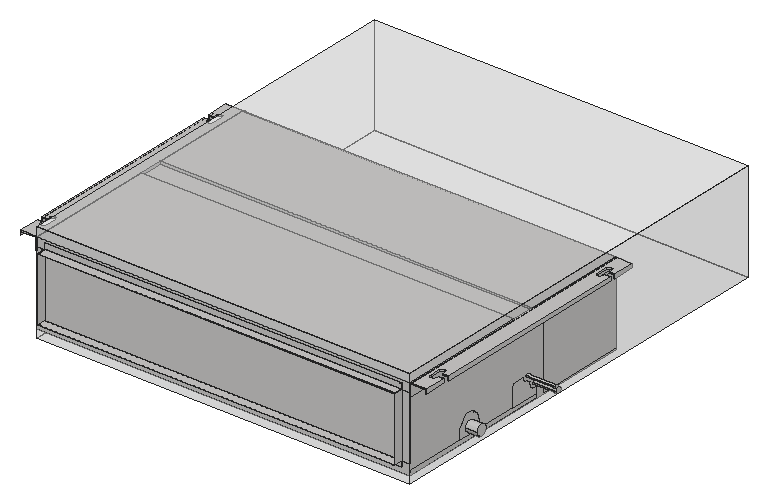
Revit family "outputfile", category 機械設備, Revit 2024
Family settings
  丸型コネクタ寸法 = 半径を使用
  パーツ タイプ = 標準
  OmniClass 番号 = 23.75.10.24.21.27.27
  OmniClass タイトル = Split System Air Conditioning Units
  作業面ベース = いいえ
  常に垂直 = はい
  ロード時にボイドで切り取り = いいえ
  注釈の向きを維持 = いいえ
  共有 = いいえ
  部屋計算ポイント = はい
Parameters (values of type "FDLF50DV14")
  Description = ""
  書き出し IFC クラス(タイプ) = "IfcUnitaryEquipmentType"
  定義済み IFC タイプ(タイプ) = "AIRCONDITIONINGUNIT"
  Cost = 0
  Type Comments = ""
  Keynote = ""
  Type Image = (empty or 0)
  Assembly Code = ""
  switch_frequency = yes
  ld_powersupply = Depth / 2  # 310 mm
  connector_voltage = Voltage_50Hz  # 230 V
  connector_powerinput = [Power Input (Cooling)]  # 0.000 kW
  connector_phase = Phase_50Hz  # 1
  angle_liquidpipe [instance] = if(Right Connection_refrigerant, 90.00°, 270.00°)  # 90.00°
  angle_gaspipe [instance] = if(Right Connection_refrigerant, 90.00°, 270.00°)  # 90.00°
  angle_drainpipe [instance] = if(Right Connection_refrigerant, 90.00°, 270.00°)  # 90.00°
  URL = ""
  Right Connection_refrigerant [instance] = yes
  製造元 = "Daikin"
  モデル = "FDLF50DV14"
  r_Liquid Pipe Size = Liquid Pipe Size / 2  # 3.2 mm
  r_Gas Pipe Size = Gas Pipe Size / 2  # 6.35 mm
  r_Drain Pipe Size = Drain Pipe Size / 2  # 12.5 mm
  lw_powersupply = 50 mm  # constant formula
  lw_ductflange2 = 803 mm
  lw_Width = 860 mm
  lh_suctionflange [instance] = 100 mm  # constant formula
  ld_suctionflange [instance] = if(Rear Connection_Return Air, 190.25 mm, 100.25 mm)  # 190.25 mm
  angle_vertical_RA [instance] = if(Rear Connection_Return Air, 90.00°, 0.00°)  # 90.00°
  angle horizontal_RA [instance] = if(Rear Connection_Return Air, 180.00°, 270.00°)  # 180.00°
  Voltage_comment_50Hz = "220 - 240"
  Voltage_50Hz = 230 V
  Supply Air Direction [instance] = yes
  Sound Power Level_H speed (dB) = 0
  Rear Connection_Return Air [instance] = not(Bottom Connection_Return Air)  # yes
  RA_length [instance] = if(Rear Connection_Return Air, 190.25 mm, 100 mm)  # 190.25 mm
  Phase_50Hz = 1
  Minimum External Static Pressure = 15.00 Pa
  Minimum Circuit Amps_50Hz = 0.0 A
  Maximum Fuse Amps_50Hz = 0.0 A
  Maximum External Static Pressure = 38.00 Pa
  Material_Casing = DAIKIN_GalvanizedSteel_Casing_indoorunit
  lw_liquidpipe = 521 mm
  lw_gaspipe = 508 mm
  lw_mountinghole = 940 mm
  lw_drainpipe = 480 mm
  lh_powersupply = 150 mm  # constant formula
  lh_liquidpipe = 138 mm  # constant formula
  lh_gaspipe = 160 mm  # constant formula
  lh_mountinghole = Height  # 200 mm
  lh_drainpipe = 170 mm  # constant formula
  lh_antena = 1 mm  # constant formula
  ld_liquidpipe = 353 mm  # constant formula
  ld_gaspipe = 375 mm  # constant formula
  ld_mountinghole = 500 mm  # constant formula
  ld_drainpipe = 178 mm  # constant formula
  ld_controlbox = 626 mm  # constant formula
  h*** = 0 mm  # constant formula
  d_dischargeflange = 21.2 mm  # constant formula
  Width = 900 mm
  Version = "ver.1.0"
  Unit Type = "L.S.P. Duct for Living room"
  Unit Mass Weight = 28.00 kg
  Unit Designation [instance] = ""
  Uniclass2015Version = "Products v1.30"
  Uniclass2015Title = "Split coil room air conditioning units"
  Uniclass2015Code = "Pr_70_65_03_86"
  Total Cooling Capacity [instance] = 0.000 kW
  Sound Pressure Level_M speed (dBA) = 33
  Sound Pressure Level_L speed (dBA) = 30
  Sound Pressure Level_H speed (dBA) = 37
  Series = "SkyAir_Fan Coil Unit"
  Sensible Cooling Capacity [instance] = 0.000 kW
  SA Duct Size Width = 860 mm
  SA Duct Size Height = 153 mm
  Refrigerant Type = "R32"
  RA Duct Size Width = 761 mm
  RA Duct Size Height = 160 mm
  Power Input (Cooling) = 0.000 kW
  Option Accessory 3 [instance] = ""
  Option Accessory 2 [instance] = ""
  Option Accessory 1 [instance] = ""
  Nominal Cooling Capacity = 5.000 kW
  Minimum Airflow = 720.00 m³/h
  Median Airflow = 840.00 m³/h
  Maximum Airflow = 960.00 m³/h
  Load Classification = HVAC
  Liquid Pipe Size = 6.4 mm
  Link_Nested Family [instance] = ""
  Left Connection_refrigerant [instance] = not(Right Connection_refrigerant)  # no
  IfcVersion = ""
  IfcExportType = "AIRCONDITIONINGUNIT"
  IfcExportAs = "IfcUnitaryEquipmentType"
  Height = 200 mm
  Heat Exchanger Type = "Cross Fin Coil"
  Gas Pipe Size = 12.7 mm
  Frequency_50Hz = 50 Hz
  Fan Type = "Sirocco Fan"
  Fan Drive = "Direct Drive"
  FCU Tag No. [instance] = ""
  Drain Pipe Size = 25.0 mm
  Design Supply Airflow [instance] = 0.00 m³/h
  Design Return Airflow [instance] = 0.00 m³/h
  Design External Static Pressure [instance] = 0.00 Pa
  Depth = 620 mm
  既定の高さ = 0 mm
  Cooling Entering Wet Bulb Temperature [instance] = 0.00 °C
  Cooling Entering Dry Bulb Temperature [instance] = 0.00 °C
  Cooling Ambient Wet Bulb Temperature [instance] = 0.00 °C
  Cooling Ambient Dry Bulb Temperature [instance] = 0.00 °C
  Clearance visibility [instance] = yes
  Clearance Top = 20 mm
  Clearance Right = 0 mm
  Clearance Rear = 400 mm
  Clearance Left = 0 mm
  Clearance Front = 0 mm
  Clearance Bottom = 20 mm
  Bottom Connection_Return Air [instance] = no
Reference planes
  plane 1 "Center (Front/Back)": y = 0
  plane 2: z = 0
  plane 3 "Center (Left/Right)": x = 0
  plane 4 "Back": y = 310
  plane 5 "Front": y = -310
  plane 6 "Left": x = -450
  plane 7 "Right": x = 450
  plane 8 "Top": z = 0
  plane 9 "Bottom": z = -200
  plane 10: x = -470
  plane 11: x = 470
  plane 12: y = 250
  plane 13: z = 0
  plane 14 "Clearance Left": x = -450
  plane 15 "Clearance Right": x = 450
  plane 16 "Clearance Rear": y = 710
  plane 17 "Clearance Front": y = -310
  plane 18 "Clearance Top": z = 20
  plane 19 "Clearance Bottom": z = -220
  plane 20: y = -250
  plane 21: z = -21
  plane 22: z = -97.5
  plane 23: x = -48.5
  plane 24: y = 119.75
  plane 25: z = -100
  plane 26: y = 65
  plane 27: z = -160
  plane 28: y = 43
  plane 29: z = -138
  plane 30: y = -132
  plane 31: z = -170
  plane 32: x = 508
  plane 33: x = 521
  plane 34: x = 480
  plane 35: x = 400
  plane 36: z = -150
  plane 37: x = -480
  plane 38: x = -521
  plane 39: x = -508
Forms (mm)
  Extrusion 1, solid, material "DAIKIN_GalvanizedSteel_Casing_indoorunit" <- "Material_Casing"
    sketch origin (0, 0, 0) x (1, 0, 0) y (0, 1, 0)
      loop
        line (-450, -310) -> (450, -310) -> (450, 310) -> (-450, 310) -> (-450, -310)
    from -200 to 0
  Extrusion 2, void
    sketch origin (0, 0, 1) x (1, 0, 0) y (0, 1, 0)
      loop
        line (-450, 61.5) -> (-450, 3.5) -> (450, 3.5) -> (450, 61.5) -> (-450, 61.5)
    from -1 to -7
  Extrusion 3, solid, material "DAIKIN_GalvanizedSteel_Casing_indoorunit" <- "Material_Casing", visible <- "Bottom Connection_Return Air"
    sketch origin (0, 0, 0) x (1, 0, 0) y (0, 0, 1)
      loop
        line (352, -199.25) -> (352, -0.75) -> (-449, -0.75) -> (-449, -199.25) -> (352, -199.25)
    from -310 to -309
  Extrusion 4, solid, material "DAIKIN_GalvanizedSteel_Casing_indoorunit" <- "Material_Casing", visible <- "Rear Connection_Return Air"
    sketch origin (0, 0, 0) x (1, 0, 0) y (0, 1, 0)
      loop
        line (-449, 309) -> (-449, 110.5) -> (352, 110.5) -> (352, 309) -> (-449, 309)
    from -200 to -199
  Extrusion 5, solid, material "DAIKIN_GalvanizedSteel_Casing_indoorunit" <- "Material_Casing", visible <- "Right Connection_refrigerant"
    sketch origin (450, 0, 0) x (0, 1, 0) y (0, 0, 1)
      loop
        circle (65, -160) r 6.35
    from 0 to 58
  Extrusion 6, solid, material "DAIKIN_GalvanizedSteel_Casing_indoorunit" <- "Material_Casing", visible <- "Right Connection_refrigerant"
    sketch origin (450, 0, 0) x (0, 1, 0) y (0, 0, 1)
      loop
        circle (43, -138) r 3.2
    from 0 to 71
  Extrusion 7, solid, material "DAIKIN_GalvanizedSteel_Casing_indoorunit" <- "Material_Casing", visible <- "Right Connection_refrigerant"
    sketch origin (450, 0, 0) x (0, 1, 0) y (0, 0, 1)
      loop
        line (-310, -200) -> (70, -200) -> (70, -190) -> (-310, -190) -> (-310, -200)
    from 0 to -1
  Extrusion 8, solid, material "DAIKIN_GalvanizedSteel_Casing_indoorunit" <- "Material_Casing", visible <- "Right Connection_refrigerant"
    sketch origin (450, 0, 0) x (0, 1, 0) y (0, 0, 1)
      loop
        arc (96, -27.5) -> (93.879, -28.379) -> (93, -30.5) r 3
        line (93, -30.5) -> (93, -194.5)
        arc (93, -194.5) -> (93.879, -196.621) -> (96, -197.5) r 3
        line (96, -197.5) -> (310, -197.5) -> (310, -27.5) -> (96, -27.5)
    from 0 to -1
  Extrusion 9, solid, material "DAIKIN_GalvanizedSteel_Casing_indoorunit" <- "Material_Casing", visible <- "Right Connection_refrigerant"
    sketch origin (450, 0, 0) x (0, 1, 0) y (0, 0, 1)
      loop
        arc (-104, -170) -> (-132, -142) -> (-160, -170) r 28
        line (-160, -170) -> (-160, -190) -> (-104, -190) -> (-104, -170)
    from 0 to -1
  Extrusion 10, solid, material "DAIKIN_GalvanizedSteel_Casing_indoorunit" <- "Material_Casing", visible <- "Right Connection_refrigerant"
    sketch origin (450, 0, 0) x (0, 1, 0) y (0, 0, 1)
      loop
        line (70, -190) -> (70, -174.671)
        arc (70, -174.671) -> (54.678, -171.563) -> (49.857, -156.691) r 15.5
        line (49.857, -156.691) -> (43.472, -150.991)
        arc (43.472, -150.991) -> (34.343, -147.698) -> (30.039, -139) r 13
        line (30.039, -139) -> (2, -139)
        arc (2, -139) -> (-0.121, -139.879) -> (-1, -142) r 3
        line (-1, -142) -> (-1, -190) -> (70, -190)
    from 0 to -1
  Extrusion 11, solid, material "DAIKIN_GalvanizedSteel_Casing_indoorunit" <- "Material_Casing", visible <- "Left Connection_refrigerant"
    sketch origin (-450, 0, 0) x (0, 1, 0) y (0, 0, 1)
      loop
        line (-310, -200) -> (70, -200) -> (70, -190) -> (-310, -190) -> (-310, -200)
    from 0 to -1
  Extrusion 12, solid, material "DAIKIN_GalvanizedSteel_Casing_indoorunit" <- "Material_Casing", visible <- "Left Connection_refrigerant"
    sketch origin (-450, 0, 0) x (0, 1, 0) y (0, 0, 1)
      loop
        arc (96, -27.5) -> (93.879, -28.379) -> (93, -30.5) r 3
        line (93, -30.5) -> (93, -194.5)
        arc (93, -194.5) -> (93.879, -196.621) -> (96, -197.5) r 3
        line (96, -197.5) -> (310, -197.5) -> (310, -27.5) -> (96, -27.5)
    from 0 to -1
  Extrusion 13, solid, material "DAIKIN_GalvanizedSteel_Casing_indoorunit" <- "Material_Casing", visible <- "Left Connection_refrigerant"
    sketch origin (-450, 0, 0) x (0, 1, 0) y (0, 0, 1)
      loop
        arc (-104, -170) -> (-132, -142) -> (-160, -170) r 28
        line (-160, -170) -> (-160, -190) -> (-104, -190) -> (-104, -170)
    from 0 to -1
  Extrusion 14, solid, material "DAIKIN_GalvanizedSteel_Casing_indoorunit" <- "Material_Casing", visible <- "Left Connection_refrigerant"
    sketch origin (-450, 0, 0) x (0, 1, 0) y (0, 0, 1)
      loop
        line (70, -190) -> (70, -174.671)
        arc (70, -174.671) -> (54.678, -171.563) -> (49.857, -156.691) r 15.5
        line (49.857, -156.691) -> (43.472, -150.991)
        arc (43.472, -150.991) -> (34.343, -147.698) -> (30.039, -139) r 13
        line (30.039, -139) -> (2, -139)
        arc (2, -139) -> (-0.121, -139.879) -> (-1, -142) r 3
        line (-1, -142) -> (-1, -190) -> (70, -190)
    from 0 to -1
  Extrusion 15, solid, material "DAIKIN_GalvanizedSteel_Casing_indoorunit" <- "Material_Casing", visible <- "Left Connection_refrigerant"
    sketch origin (-450, 0, 0) x (0, 1, 0) y (0, 0, 1)
      loop
        circle (43, -138) r 3.2
    from -71 to 0
  Extrusion 16, solid, material "DAIKIN_GalvanizedSteel_Casing_indoorunit" <- "Material_Casing", visible <- "Left Connection_refrigerant"
    sketch origin (-450, 0, 0) x (0, 1, 0) y (0, 0, 1)
      loop
        circle (65, -160) r 6.35
    from -58 to 0
  Extrusion 17, solid, material "DAIKIN_GalvanizedSteel_Casing_indoorunit" <- "Material_Casing", visible <- "Left Connection_refrigerant"
    sketch origin (-450, 0, 0) x (0, 1, 0) y (0, 0, 1)
      loop
        circle (-132, -170) r 12.5
    from -30 to 0
  Extrusion 18, solid, material "DAIKIN_GalvanizedSteel_Casing_indoorunit" <- "Material_Casing", visible <- "Right Connection_refrigerant"
    sketch origin (450, 0, 0) x (0, 1, 0) y (0, 0, 1)
      loop
        circle (-132, -170) r 12.5
    from 0 to 30
Cuts and joins
  Extrusion 2 cuts Extrusion 1
Dimensions and locks
  "Height": plane 8 "Top" to plane 9 "Bottom"
  equal spacing: plane 10, plane 3 "Center (Left/Right)", plane 11
  "lw_mountinghole": plane 10 to plane 11
  equal spacing: plane 6 "Left", plane 3 "Center (Left/Right)", plane 7 "Right"
  "Width": plane 6 "Left" to plane 7 "Right"
  "Clearance Right": plane 7 "Right" to plane 15 "Clearance Right"
  "Clearance Left": plane 14 "Clearance Left" to plane 6 "Left"
  "Clearance Rear": plane 16 "Clearance Rear" to plane 4 "Back"
  "Clearance Front": plane 5 "Front" to plane 17 "Clearance Front"
  "Clearance Top": plane 18 "Clearance Top" to plane 8 "Top"
  "Clearance Bottom": plane 9 "Bottom" to plane 19 "Clearance Bottom"
  "Depth": plane 4 "Back" to plane 5 "Front"
  equal spacing: plane 4 "Back", plane 1 "Center (Front/Back)", plane 5 "Front"
  Extrusion 3 sketch curve to Extrusion 3 sketch curve = 198.5 mm
  locked: plane 20 to plane 5 "Front" at 60
  "ld_mountinghole": plane 12 to plane 20
  locked: plane 8 "Top" to plane 21 at 21
  locked: plane 23 to plane 3 "Center (Left/Right)" at 48.5
  "ld_suctionflange": plane 4 "Back" to plane 24
  "lh_suctionflange": plane 8 "Top" to plane 25
  "ld_gaspipe": plane 26 to plane 5 "Front"
  "lh_gaspipe": plane 8 "Top" to plane 27
  "ld_liquidpipe": plane 28 to plane 5 "Front"
  "lh_liquidpipe": plane 8 "Top" to plane 29
  "ld_drainpipe": plane 30 to plane 5 "Front"
  "lh_drainpipe": plane 8 "Top" to plane 31
  "lw_powersupply": plane 35 to plane 7 "Right"
  "lh_powersupply": plane 8 "Top" to plane 36
  "lw_gaspipe": plane 3 "Center (Left/Right)" to plane 32
  "lw_liquidpipe": plane 3 "Center (Left/Right)" to plane 33
  "lw_drainpipe": plane 3 "Center (Left/Right)" to plane 34
  "lw_liquidpipe": plane 38 to plane 3 "Center (Left/Right)"
  "lw_gaspipe": plane 39 to plane 3 "Center (Left/Right)"
  "lw_drainpipe": plane 37 to plane 3 "Center (Left/Right)"
  "r_Gas Pipe Size": radius of Extrusion 5 sketch curve
  "r_Liquid Pipe Size": radius of Extrusion 6 sketch curve
  "r_Liquid Pipe Size": radius of Extrusion 15 sketch curve
  "r_Gas Pipe Size": radius of Extrusion 16 sketch curve
  "r_Drain Pipe Size": radius of Extrusion 17 sketch curve
  "r_Drain Pipe Size": radius of Extrusion 18 sketch curve
  aligned and locked: level to plane 2
  aligned and locked: Extrusion 1 to plane 9 "Bottom"
  aligned and locked: plane 8 "Top" to Extrusion 1
  aligned and locked: plane 11 to nested 2
  aligned and locked: plane 10 to nested 3
  aligned and locked: plane 10 to nested 4
  aligned and locked: plane 8 "Top" to Extrusion 2
  aligned and locked: plane 9 "Bottom" to Extrusion 4  (x2)
  aligned and locked: plane 7 "Right" to cut or joined group of Extrusion 1, Extrusion 2  (x2)
  aligned and locked: plane 3 "Center (Left/Right)" to nested 9
  aligned and locked: plane 6 "Left" to nested 7
  aligned and locked: plane 8 "Top" to nested 9
  aligned and locked: plane 11 to nested 1
  aligned and locked: nested 6 to plane 1 "Center (Front/Back)"
  aligned and locked: plane 3 "Center (Left/Right)" to nested 6
  aligned and locked: level to plane 8 "Top"
  aligned and locked: plane 1 "Center (Front/Back)" to nested 9
  aligned and locked: plane 5 "Front" to nested 10
  aligned and locked: Extrusion 1 sketch curve to plane 5 "Front"
  aligned and locked: plane 21 to nested 10
  aligned and locked: nested 5 to plane 5 "Front"
  aligned and locked: plane 3 "Center (Left/Right)" to nested 5
  aligned and locked: plane 22 to nested 5
  aligned and locked: Extrusion 2 sketch curve to plane 6 "Left"
  aligned and locked: plane 7 "Right" to Extrusion 2 sketch curve
  aligned and locked: nested 11 to plane 23
  aligned and locked: nested 11 to plane 24
  aligned and locked: plane 27 to Extrusion 5 sketch curve
  aligned and locked: plane 26 to Extrusion 5 sketch curve
  aligned and locked: plane 28 to Extrusion 6 sketch curve
  aligned and locked: plane 29 to Extrusion 6 sketch curve
  aligned and locked: plane 32 to Extrusion 5
  aligned and locked: plane 33 to Extrusion 6
  aligned and locked: Extrusion 7 sketch curve to plane 9 "Bottom"
  aligned and locked: Extrusion 7 sketch curve to plane 5 "Front"
  aligned and locked: plane 14 "Clearance Left" to nested 12
  aligned and locked: plane 15 "Clearance Right" to nested 12
  aligned and locked: plane 16 "Clearance Rear" to nested 12
  aligned and locked: nested 12 to plane 17 "Clearance Front"
  aligned and locked: nested 12 to plane 18 "Clearance Top"
  aligned and locked: nested 12 to plane 19 "Clearance Bottom"
  aligned and locked: nested 13 to plane 35
  aligned and locked: nested 13 to plane 36
  aligned and locked: plane 4 "Back" to nested 13
  aligned and locked: nested 14 to plane 26
  aligned and locked: plane 3 "Center (Left/Right)" to nested 14
  aligned and locked: nested 14 to plane 27
  aligned and locked: nested 15 to plane 28
  aligned and locked: plane 3 "Center (Left/Right)" to nested 15
  aligned and locked: nested 15 to plane 29
  aligned and locked: nested 16 to plane 30
  aligned and locked: plane 3 "Center (Left/Right)" to nested 16
  aligned and locked: nested 16 to plane 31
  aligned and locked: plane 29 to Extrusion 15 sketch curve
  aligned and locked: plane 28 to Extrusion 15 sketch curve
  aligned and locked: Extrusion 15 to plane 38
  aligned and locked: plane 6 "Left" to Extrusion 15
  aligned and locked: plane 26 to Extrusion 16 sketch curve
  aligned and locked: plane 27 to Extrusion 16 sketch curve
  aligned and locked: Extrusion 16 to plane 39
  aligned and locked: plane 6 "Left" to Extrusion 16
  aligned and locked: plane 30 to Extrusion 17 sketch curve
  aligned and locked: Extrusion 17 to plane 37
  aligned and locked: plane 6 "Left" to Extrusion 17
  aligned and locked: Extrusion 5 to plane 7 "Right"
  aligned and locked: Extrusion 6 to plane 7 "Right"
  aligned and locked: plane 30 to Extrusion 18 sketch curve
  aligned and locked: plane 31 to Extrusion 18 sketch curve
  aligned and locked: plane 34 to Extrusion 18
  aligned and locked: Extrusion 18 to plane 7 "Right"
Automatic sketch dimensions
  Extrusion 1 sketch curve to plane 4 "Back" = 0 mm
  Extrusion 1 sketch curve to plane 6 "Left" = 0 mm
  Extrusion 1 sketch curve to plane 7 "Right" = 0 mm
  Extrusion 2 sketch curve to plane 1 "Center (Front/Back)" = 3.5 mm
  Extrusion 2 sketch curve to plane 26 = 3.5 mm
  plane 9 "Bottom" to Extrusion 3 sketch curve = 0.75 mm
  plane 6 "Left" to Extrusion 3 sketch curve = 1 mm
  Extrusion 3 sketch curve to plane 35 = 48 mm
  Extrusion 4 sketch curve to plane 4 "Back" = 1 mm
  plane 6 "Left" to Extrusion 4 sketch curve = 1 mm
  Extrusion 4 sketch curve to plane 35 = 48 mm
  Extrusion 4 sketch curve to plane 24 = 9.25 mm
  plane 26 to Extrusion 7 sketch curve = 5 mm
  Extrusion 7 sketch curve to Extrusion 7 sketch curve = 10 mm
  Extrusion 8 sketch curve to plane 21 = 9.5 mm
  Extrusion 8 sketch curve to plane 24 = 23.75 mm  (x2)
  plane 9 "Bottom" to Extrusion 8 sketch curve = 5.5 mm
  Extrusion 8 sketch curve to Extrusion 8 sketch curve = 3 mm
  Extrusion 9 sketch curve to plane 31 = 0 mm
  Extrusion 9 sketch curve to plane 30 = 0 mm
  plane 9 "Bottom" to Extrusion 9 sketch curve = 10 mm
  Extrusion 9 sketch curve to plane 30 = 28 mm
  Extrusion 10 sketch curve to plane 28 = 0 mm
  Extrusion 10 sketch curve to plane 26 = 0 mm
  Extrusion 10 sketch curve to plane 27 = 0 mm
  Extrusion 10 sketch curve to plane 29 = 0 mm
  Extrusion 10 sketch curve to plane 29 = 1 mm
  Extrusion 10 sketch curve to plane 28 = 12.961 mm
  Extrusion 10 sketch curve to plane 1 "Center (Front/Back)" = 2 mm
  plane 1 "Center (Front/Back)" to Extrusion 10 sketch curve = 1 mm
  plane 28 to Extrusion 10 sketch curve = 0.472 mm
  plane 27 to Extrusion 10 sketch curve = 3.309 mm
  plane 28 to Extrusion 10 sketch curve = 6.857 mm
  plane 26 to Extrusion 10 sketch curve = 5 mm
  plane 9 "Bottom" to Extrusion 10 sketch curve = 10 mm
  Extrusion 8 sketch curve to plane 4 "Back" = 0 mm
  Extrusion 17 sketch curve to plane 31 = 0 mm
  Extrusion 12 sketch curve to plane 4 "Back" = 0 mm
  plane 9 "Bottom" to Extrusion 12 sketch curve = 5.5 mm
  Extrusion 12 sketch curve to plane 24 = 23.75 mm  (x2)
  Extrusion 12 sketch curve to plane 21 = 6.5 mm
  Extrusion 12 sketch curve to Extrusion 12 sketch curve = 3 mm
  Extrusion 14 sketch curve to plane 28 = 0 mm
  Extrusion 14 sketch curve to plane 26 = 0 mm
  Extrusion 14 sketch curve to plane 27 = 0 mm
  Extrusion 14 sketch curve to plane 29 = 0 mm
  Extrusion 14 sketch curve to plane 29 = 1 mm
  Extrusion 14 sketch curve to plane 28 = 12.961 mm
  Extrusion 14 sketch curve to plane 1 "Center (Front/Back)" = 2 mm
  plane 1 "Center (Front/Back)" to Extrusion 14 sketch curve = 1 mm
  plane 28 to Extrusion 14 sketch curve = 0.472 mm
  plane 27 to Extrusion 14 sketch curve = 3.309 mm
  plane 28 to Extrusion 14 sketch curve = 6.857 mm
  plane 26 to Extrusion 14 sketch curve = 5 mm
  plane 9 "Bottom" to Extrusion 14 sketch curve = 10 mm
  Extrusion 11 sketch curve to plane 5 "Front" = 0 mm
  Extrusion 11 sketch curve to plane 9 "Bottom" = 0 mm
  plane 26 to Extrusion 11 sketch curve = 5 mm
  Extrusion 11 sketch curve to Extrusion 11 sketch curve = 10 mm
  Extrusion 13 sketch curve to plane 31 = 0 mm
  Extrusion 13 sketch curve to plane 30 = 0 mm
  plane 9 "Bottom" to Extrusion 13 sketch curve = 10 mm
  Extrusion 13 sketch curve to plane 30 = 28 mm
Nested families
  nested 1: "daikin_mountinghole" at (470, 250, -200), l_antenna <- "lh_antena", Link_Nested Family <- "Link_Nested Family", h_mountinghole <- "lh_mountinghole", type "daikin_mountinghole"
    with show yes, l_antenna 1 mm, h_mountinghole 200 mm, Link_Nested Family ""
  nested 2: "daikin_mountinghole" at (470, -250, -200), Link_Nested Family <- "Link_Nested Family", l_antenna <- "lh_antena", h_mountinghole <- "lh_mountinghole", type "daikin_mountinghole"
    with show yes, l_antenna 1 mm, h_mountinghole 200 mm, Link_Nested Family ""
  nested 3: "daikin_mountinghole" at (-470, -250, -200), l_antenna <- "lh_antena", Link_Nested Family <- "Link_Nested Family", h_mountinghole <- "lh_mountinghole", type "daikin_mountinghole"
    with show yes, l_antenna 1 mm, h_mountinghole 200 mm, Link_Nested Family ""
  nested 4: "daikin_mountinghole" at (-470, 250, -200), l_antenna <- "lh_antena", Link_Nested Family <- "Link_Nested Family", h_mountinghole <- "lh_mountinghole", type "daikin_mountinghole"
    with show yes, l_antenna 1 mm, h_mountinghole 200 mm, Link_Nested Family ""
  nested 5: "daikin_connector_rotate2" at (0, -310, -97.5), length <- "d_dischargeflange", type "daikin_connector_rotate2"
    with radius 10 mm, length 21.2 mm, angle_vertical 90.00°, show_face no
  nested 6: "daikin_△_symbolicline" at (-75, -129.904, 200) x (-0.5, 0.866, 0) z (0, 0, 1), built-in parameter 1001364 <- "Height", visible <- "Supply Air Direction", type "daikin_△_symbolicline"
    with length 300 mm
  nested 7: "daikin_ductflange_FDLF-DV14_1" at (-48.5, 310, -100), visible <- "Rear Connection_Return Air", material <- "Material_Casing", width <- "lw_ductflange2", type "daikin_ductflange_FDLF-DV14_1"
    with width 803 mm, material DAIKIN_GalvanizedSteel_Casing_indoorunit, height 180 mm, depth 21.2 mm
  nested 8: "daikin_ductflange_FDLF-DV14_1" at (-48.5, 209.75, -200) x (1, 0, 0) z (0, 1, 0), visible <- "Bottom Connection_Return Air", material <- "Material_Casing", width <- "lw_ductflange2", type "daikin_ductflange_FDLF-DV14_1"
    with width 803 mm, material DAIKIN_GalvanizedSteel_Casing_indoorunit, height 180 mm, depth 21.2 mm
  nested 9: "daikin_hangerfixture_FDLF-DV14" at (0, 0, 0), type "daikin_hangerfixture_FDLF-DV14"
  nested 10: "daikin_ductflange_FDLF-DV14" at (0, 3.5, -364.201), width <- "lw_Width", material <- "Material_Casing", type "daikin_ductflange_FDLF-DV14"
    with width 860 mm, material DAIKIN_GalvanizedSteel_Casing_indoorunit, height 155 mm, depth 21.2 mm
  nested 11: "daikin_connector_rotate3" at (-48.5, 119.75, -100), length <- "RA_length", angle_vertical <- "angle_vertical_RA", angle_horizontal <- "angle horizontal_RA", type "daikin_connector_rotate3"
    with show no, radius 10 mm, length 190.25 mm, angle_vertical 90.00°, angle_horizontal 180.00°
  nested 12: "daikin_clearancespace" at (0, 200, -99.881), visible <- "Clearance visibility", Link_Nested Family <- "Link_Nested Family", show <- "Clearance visibility", type "daikin_clearancespace"
    with width 900 mm, show yes, height 240 mm, depth 1020 mm, Link_Nested Family ""
  nested 13: "daikin_connector_rotate2" at (400, 0, -150) x (-1, 0, 0) z (0, 0, 1), length <- "ld_powersupply", type "daikin_connector_rotate2"
    with radius 10 mm, length 310 mm, angle_vertical 90.00°, show_face no
  nested 14: "daikin_connector_rotate3" at (0, 65, -160), angle_vertical <- "angle_gaspipe", radius <- "r_Gas Pipe Size", length <- "lw_gaspipe", type "daikin_connector_rotate3"
    with show no, radius 6.35 mm, length 508 mm, angle_vertical 90.00°, angle_horizontal 90.00°
  nested 15: "daikin_connector_rotate3" at (0, 43, -138), angle_vertical <- "angle_liquidpipe", length <- "lw_liquidpipe", radius <- "r_Liquid Pipe Size", type "daikin_connector_rotate3"
    with show no, radius 3.2 mm, length 521 mm, angle_vertical 90.00°, angle_horizontal 90.00°
  nested 16: "daikin_connector_rotate3" at (0, -132, -170), angle_vertical <- "angle_drainpipe", length <- "lw_drainpipe", radius <- "r_Drain Pipe Size", type "daikin_connector_rotate3"
    with show no, radius 12.5 mm, length 480 mm, angle_vertical 90.00°, angle_horizontal 90.00°
Connectors
  hvac at (0, -331.2, -97.5), driven by "SA Duct Size Height", driven by "SA Duct Size Width"
    settings: on nested 5, index 1, duct flow 0.00 m³/h, flow factor 0, pres drop 0.00 Pa, loss coef 0, conn angle 0.00°, conn width 860.0 mm, conn height 153.0 mm, conn diameter 609.6 mm, duct sys type 1, conn prof type 1, flow config 0, flow direction 2, loss method 4, conn ref index -1, conn util no, is conn primary yes, conn desc "SA Duct"
  hvac at (-48.5, 310, -100), driven by "RA Duct Size Height", driven by "RA Duct Size Width"
    settings: on nested 11, index 2, duct flow 0.00 m³/h, flow factor 0, pres drop 0.00 Pa, loss coef 0, conn angle 0.00°, conn width 761.0 mm, conn height 160.0 mm, conn diameter 609.6 mm, duct sys type 2, conn prof type 1, flow config 0, flow direction 1, loss method 4, conn ref index -1, conn util no, is conn primary no, conn desc "RA Duct"
  electrical at (400, 310, -150), driven by "Load Classification", driven by "connector_powerinput", driven by "connector_voltage", driven by "connector_phase"
    settings: on nested 13, index 6, voltage 230 V, apparent load 0 VA, apparent load phase1 0 VA, apparent load phase2 0 VA, apparent load phase3 0 VA, power factor 1, load classification "HVAC", number of poles 1, system type 30, power factor state 1, is connector primary yes, connector utility no, sub classification motor no, connector description "Power Supply"
  piping at (508, 65, -160), diameter 12.7, driven by "r_Gas Pipe Size"
    settings: on nested 14, index 7, connector inside diameter 609.6 mm, connector length 0 mm, flow factor 0, pipe flow 0.00 m³/h, pressure drop 0.0 Pa, fitting loss kfactor 0, connector angle 0.00°, fixture units 0, engagement length 0 mm, angle of deflection 0.00°, flow configuration 1, flow direction 2, fitting loss method 0, system type 29, joint type 0, gender type 0, connector reference index -1, connector utility 0, adjustable connector no, is connector primary yes, connector description "Refrigerant Gas Piping"
  piping at (521, 43, -138), diameter 6.4, driven by "r_Liquid Pipe Size"
    settings: on nested 15, index 8, connector inside diameter 609.6 mm, connector length 0 mm, flow factor 0, pipe flow 0.00 m³/h, pressure drop 0.0 Pa, fitting loss kfactor 0, connector angle 0.00°, fixture units 0, engagement length 0 mm, angle of deflection 0.00°, flow configuration 1, flow direction 1, fitting loss method 0, system type 29, joint type 0, gender type 0, connector reference index -1, connector utility 0, adjustable connector no, is connector primary no, connector description "Refrigerant Liquid Piping"
  piping at (480, -132, -170), diameter 25, driven by "r_Drain Pipe Size"
    settings: on nested 16, index 9, connector inside diameter 609.6 mm, connector length 0 mm, flow factor 0, pipe flow 0.00 m³/h, pressure drop 0.0 Pa, fitting loss kfactor 0, connector angle 0.00°, fixture units 0, engagement length 0 mm, angle of deflection 0.00°, flow configuration 1, flow direction 2, fitting loss method 4, system type 16, joint type 0, gender type 0, connector reference index -1, connector utility 0, adjustable connector no, is connector primary no, connector description "Condensate Drain Piping"
Definition of nested family "daikin_ductflange_FDLF-DV14_1"
  Parameters (values of type "daikin_ductflange_FDLF-DV14_1")
    width [instance] = 620 mm
    material [instance] = none
    height [instance] = 180 mm
    depth [instance] = 21.2 mm
    Default Elevation = 0 mm
  Reference planes
    plane 1 "Center (Front/Back)": y = 0
    plane 2: z = 0
    plane 3 "Center (Left/Right)": x = 0
    plane 4: x = -310
    plane 5: x = 310
    plane 6: z = 100.25
    plane 7: z = -100.25
    plane 8: x = -309
    plane 9: x = 309
  Forms (mm)
    Extrusion 1, solid, material <- "material"
      sketch origin (0, 0, 0) x (1, 0, 0) y (0, 0, 1)
        loop
          line (-289, 80) -> (-289, -80) -> (289, -80) -> (289, 80) -> (-289, 80)
        loop
          line (-309, -99.25) -> (309, -99.25) -> (309, 99.25) -> (-309, 99.25) -> (-309, -99.25)
      from 0 to 1
  Dimensions and locks
    equal spacing: plane 5, plane 3 "Center (Left/Right)", plane 4, locked at 310 each
    "width": plane 5 to plane 4
    plane 8 to plane 4 = 1 mm
    locked: plane 5 to plane 9 at 1
    locked: Extrusion 1 sketch curve to Extrusion 1 sketch curve at 20  (x2)
    plane 6 to Extrusion 1 sketch curve = 1 mm
    locked: Extrusion 1 sketch curve to plane 7 at 1
    aligned and locked: level to plane 2
  Automatic sketch dimensions
    plane 4 to Extrusion 1 sketch curve = 1 mm
    Extrusion 1 sketch curve to plane 5 = 1 mm
    Extrusion 1 sketch curve to plane 6 = 20.25 mm
    plane 7 to Extrusion 1 sketch curve = 20.25 mm
Definition of nested family "daikin_hangerfixture_FDLF-DV14"
  Parameters (values of type "daikin_hangerfixture_FDLF-DV1")
    width = 900 mm
    material = none
    height = 30 mm
    depth = 620 mm
    Default Elevation = 0 mm
  Reference planes
    plane 1 "Center (Front/Back)": y = 0
    plane 2: z = 0
    plane 3 "Center (Left/Right)": x = 0
    plane 4: x = 450
    plane 5: y = 310
    plane 6: y = -310
    plane 7: x = -450
    plane 8: z = -30
  Forms (mm)
    Extrusion 1, solid, material <- "material"
      sketch origin (0, 0, 0) x (1, 0, 0) y (0, 0, 1)
        loop
          line (450, 0) -> (450, -30) -> (452.3, -30) -> (452.3, -2.3) -> (487.7, -2.3) -> (487.7, -10) -> (490, -10) -> (490, 0) -> (450, 0)
      from -310 to 310
    Extrusion 2, void
      sketch origin (0, 0, 0) x (0, 1, 0) y (0, 0, 1)
        loop
          line (310, -30) -> (310, -17.979) -> (87.935, -17.979) -> (75.914, -30) -> (310, -30)
      from -786.78 to 600.701
    Extrusion 3, void
      sketch origin (0, 0, 0) x (1, 0, 0) y (0, 1, 0)
        loop
          line (490, -244.5) -> (477, -244.5) -> (477, -238)
          arc (477, -238) -> (470, -231) -> (463, -238) r 7
          line (463, -238) -> (463, -264)
          arc (463, -264) -> (470, -271) -> (477, -264) r 7
          line (477, -264) -> (477, -257.5) -> (490, -257.5) -> (490, -244.5)
        loop
          line (490, 244.5) -> (490, 257.5) -> (477, 257.5) -> (477, 264)
          arc (477, 264) -> (470, 271) -> (463, 264) r 7
          line (463, 264) -> (463, 238)
          arc (463, 238) -> (470, 231) -> (477, 238) r 7
          line (477, 238) -> (477, 244.5) -> (490, 244.5)
      from -254.96 to 618
    Extrusion 4, solid, material <- "material"
      sketch origin (0, 0, 0) x (-1, 0, 0) y (0, 0, -1)
        loop
          line (450, 0) -> (490, 0) -> (490, 10) -> (487.7, 10) -> (487.7, 2.3) -> (452.3, 2.3) -> (452.3, 30) -> (450, 30) -> (450, 0)
      from -310 to 310
    Extrusion 5, void
      sketch origin (0, 0, 0) x (-1, 0, 0) y (0, -1, 0)
        loop
          line (490, 244.5) -> (490, 257.5) -> (477, 257.5) -> (477, 264)
          arc (477, 264) -> (470, 271) -> (463, 264) r 7
          line (463, 264) -> (463, 238)
          arc (463, 238) -> (470, 231) -> (477, 238) r 7
          line (477, 238) -> (477, 244.5) -> (490, 244.5)
        loop
          line (490, -244.5) -> (477, -244.5) -> (477, -238)
          arc (477, -238) -> (470, -231) -> (463, -238) r 7
          line (463, -238) -> (463, -264)
          arc (463, -264) -> (470, -271) -> (477, -264) r 7
          line (477, -264) -> (477, -257.5) -> (490, -257.5) -> (490, -244.5)
      from -254.96 to 618
  Cuts and joins
    Extrusion 2, Extrusion 3, Extrusion 5 cuts Extrusion 1
    Extrusion 2, Extrusion 5 cuts Extrusion 4
  Dimensions and locks
    equal spacing: plane 5, plane 1 "Center (Front/Back)", plane 6
    "depth": plane 5 to plane 6
    plane 6 to plane 1 "Center (Front/Back)" to plane 5 = 310 mm, 310 mm
    equal spacing: plane 4, plane 3 "Center (Left/Right)", plane 7
    "width": plane 4 to plane 7
    "height": level to plane 8
    aligned and locked: level to plane 2
    aligned and locked: plane 5 to Extrusion 1
    aligned and locked: Extrusion 1 to plane 6
    aligned and locked: Extrusion 1 to plane 4
    aligned and locked: plane 5 to cut or joined group of Extrusion 1, Extrusion 2, Extrusion 3, Extrusion 5
    aligned and locked: cut or joined group of Extrusion 1, Extrusion 2, Extrusion 3, Extrusion 5 to plane 6
    aligned and locked: level to cut or joined group of Extrusion 1, Extrusion 2, Extrusion 3, Extrusion 5
    aligned and locked: cut or joined group of Extrusion 1, Extrusion 2, Extrusion 3, Extrusion 5 to plane 8
    aligned and locked: plane 5 to cut or joined group of Extrusion 2, Extrusion 4, Extrusion 5
    aligned and locked: cut or joined group of Extrusion 2, Extrusion 4, Extrusion 5 to plane 6
  Automatic sketch dimensions
    Extrusion 1 sketch curve to plane 4 = 0 mm
    Extrusion 1 sketch curve to plane 8 = 0 mm
    Extrusion 1 sketch curve to level = 0 mm
    plane 4 to Extrusion 1 sketch curve = 2.3 mm
    Extrusion 1 sketch curve to level = 2.3 mm
    Extrusion 1 sketch curve to Extrusion 1 sketch curve = 35.4 mm
    Extrusion 1 sketch curve to Extrusion 1 sketch curve = 2.3 mm
    Extrusion 1 sketch curve to Extrusion 1 sketch curve = 7.7 mm
    Extrusion 2 sketch curve to plane 8 = 0 mm
    Extrusion 2 sketch curve to plane 5 = 0 mm
    plane 8 to Extrusion 2 sketch curve = 12.021 mm
    Extrusion 2 sketch curve to plane 1 "Center (Front/Back)" = 87.935 mm
    Extrusion 2 sketch curve to Extrusion 2 sketch curve = 12.021 mm
    plane 4 to Extrusion 3 sketch curve = 13 mm  (x2)
    Extrusion 3 sketch curve to Extrusion 3 sketch curve = 7 mm  (x4)
    Extrusion 3 sketch curve to Extrusion 3 sketch curve = 13 mm  (x4)
    plane 6 to Extrusion 3 sketch curve = 46 mm
    Extrusion 3 sketch curve to Extrusion 3 sketch curve = 6.5 mm  (x4)
    Extrusion 3 sketch curve to plane 5 = 72 mm
    Extrusion 4 sketch curve to plane 7 = 0 mm
    Extrusion 4 sketch curve to plane 8 = 0 mm
    Extrusion 4 sketch curve to level = 0 mm
    Extrusion 4 sketch curve to plane 7 = 2.3 mm
    Extrusion 4 sketch curve to level = 2.3 mm
    Extrusion 4 sketch curve to Extrusion 4 sketch curve = 35.4 mm
    Extrusion 4 sketch curve to Extrusion 4 sketch curve = 2.3 mm
    Extrusion 4 sketch curve to Extrusion 4 sketch curve = 7.7 mm
    Extrusion 5 sketch curve to plane 7 = 13 mm  (x2)
    Extrusion 5 sketch curve to Extrusion 5 sketch curve = 7 mm  (x4)
    Extrusion 5 sketch curve to Extrusion 5 sketch curve = 13 mm  (x4)
    Extrusion 5 sketch curve to plane 5 = 46 mm
    Extrusion 5 sketch curve to Extrusion 5 sketch curve = 6.5 mm  (x4)
    plane 6 to Extrusion 5 sketch curve = 72 mm
Definition of nested family "daikin_ductflange_FDLF-DV14"
  Parameters (values of type "daikin_ductflange_FXDQ-NDVET")
    width [instance] = 660 mm
    material [instance] = none
    height [instance] = 155 mm
    depth [instance] = 21.2 mm
    Default Elevation = 0 mm
  Reference planes
    plane 1 "Center (Front/Back)": y = 0
    plane 2: z = 189.201
    plane 3 "Center (Left/Right)": x = 0
    plane 4: y = -313.5
    plane 5: x = -330
    plane 6: x = 330
    plane 7: y = -334.7
    plane 8: z = 344.201
    plane 9: z = 266.701
    plane 10: z = 343.201
    plane 11: z = 190.201
  Forms (mm)
    Extrusion 1, solid, material <- "material"
      sketch origin (0, 0, 189.201) x (1, 0, 0) y (0, 1, 0)
        loop
          line (-330, -334.7) -> (-330, -313.5) -> (-350, -313.5) -> (-350, -314.5) -> (-331, -314.5) -> (-331, -334.7) -> (-330, -334.7)
        loop
          line (330, -334.7) -> (331, -334.7) -> (331, -314.5) -> (350, -314.5) -> (350, -313.5) -> (330, -313.5) -> (330, -334.7)
      from 1 to 154
    Extrusion 2, solid, material <- "material"
      sketch origin (0, 0, 0) x (0, 1, 0) y (0, 0, 1)
        loop
          line (-313.5, 343.201) -> (-313.5, 358.201) -> (-314.5, 358.201) -> (-314.5, 344.201) -> (-334.7, 344.201) -> (-334.7, 343.201) -> (-313.5, 343.201)
        loop
          line (-313.5, 190.201) -> (-334.7, 190.201) -> (-334.7, 189.201) -> (-314.5, 189.201) -> (-314.5, 175.201) -> (-313.5, 175.201) -> (-313.5, 190.201)
      from -330 to 330
  Dimensions and locks
    plane 4 to plane 1 "Center (Front/Back)" = 313.5 mm
    "depth": plane 7 to plane 4
    equal spacing: plane 8, plane 9, level
    "height": plane 8 to level
    equal spacing: plane 6, plane 3 "Center (Left/Right)", plane 5
    "width": plane 6 to plane 5
    locked: plane 8 to plane 10 at 1
    locked: plane 11 to level at 1
    locked: Extrusion 1 to Extrusion 2 sketch curve at 1
    locked: Extrusion 2 sketch curve to Extrusion 1 at 1
    plane 10 to plane 11 = 153 mm
    aligned and locked: level to plane 2
    aligned and locked: Extrusion 2 to plane 5
    aligned and locked: Extrusion 2 to plane 11
    aligned and locked: Extrusion 2 to plane 10
    aligned and locked: plane 6 to Extrusion 2
    aligned and locked: plane 5 to Extrusion 2  (x2)
    aligned and locked: plane 5 to Extrusion 1  (x2)
    aligned and locked: Extrusion 1 to plane 6
    aligned and locked: plane 6 to Extrusion 1
    aligned and locked: Extrusion 1 to plane 10
  Automatic sketch dimensions
    Extrusion 2 sketch curve to plane 7 = 0 mm  (x2)
    Extrusion 2 sketch curve to plane 4 = 0 mm  (x2)
    Extrusion 2 sketch curve to plane 11 = 0 mm
    Extrusion 2 sketch curve to plane 10 = 0 mm
    Extrusion 2 sketch curve to plane 4 = 1 mm  (x2)
    Extrusion 2 sketch curve to level = 14 mm
    plane 8 to Extrusion 2 sketch curve = 14 mm
    Extrusion 1 sketch curve to plane 4 = 0 mm  (x2)
    Extrusion 1 sketch curve to plane 7 = 0 mm  (x2)
    Extrusion 1 sketch curve to plane 5 = 0 mm
    Extrusion 1 sketch curve to plane 6 = 0 mm
    Extrusion 1 sketch curve to plane 5 = 1 mm
    Extrusion 1 sketch curve to Extrusion 1 sketch curve = 19 mm  (x2)
    Extrusion 1 sketch curve to Extrusion 1 sketch curve = 1 mm
    Extrusion 1 sketch curve to plane 4 = 1 mm  (x2)
Definition of nested family "daikin_clearancespace"
  Parameters (values of type "daikin_clearancespace")
    Description = "daikin_clearancespace"
    width [instance] = 1823.963 mm
    show [instance] = yes
    material = none
    height [instance] = 1359.762 mm
    depth [instance] = 880 mm
    Default Elevation = 0 mm
    Link_Nested Family [instance] = ""
  Reference planes
    plane 1 "Center (Front/Back)": y = 0
    plane 2 "Center (Elevation)": z = -0.119
    plane 3 "Center (Left/Right)": x = 0
    plane 4: y = 440
    plane 5: y = -440
    plane 6 "Right": x = 911.982
    plane 7 "Left": x = -911.982
    plane 8 "Top": z = 679.762
    plane 9 "Bottom": z = -680
  Forms (mm)
    Extrusion 1, solid, material <- "material", visible <- "show"
      sketch origin (0, 0, 0) x (1, 0, 0) y (0, 1, 0)
        loop
          line (-911.982, 440) -> (-911.982, -440) -> (911.982, -440) -> (911.982, 440) -> (-911.982, 440)
      from -680 to 679.762
  Lines and regions (mm)
    symbolic lines, visible <- "show"
      curve 1: line (911.982, 440, 0) -> (-911.982, 440, 0)
      curve 2: line (-911.982, 440, 0) -> (-911.982, -440, 0)
      curve 3: line (-911.982, -440, 0) -> (911.982, -440, 0)
      curve 4: line (911.982, -440, 0) -> (911.982, 440, 0)
      curve 5: line (911.982, 0, 679.762) -> (-911.982, 0, 679.762)
      curve 6: line (911.982, 0, -680) -> (911.982, 0, 679.762)
      curve 7: line (-911.982, 0, -680) -> (911.982, 0, -680)
      curve 8: line (-911.982, 0, 679.762) -> (-911.982, 0, -680)
      curve 9: line (0, 440, 679.762) -> (0, -440, 679.762)
      curve 10: line (0, -440, 679.762) -> (0, -440, -680)
      curve 11: line (0, 440, -680) -> (0, 440, 679.762)
      curve 12: line (0, -440, -680) -> (0, 440, -680)
  Dimensions and locks
    "width": plane 7 "Left" to plane 6 "Right"
    "depth": plane 4 to plane 5
    "height": plane 8 "Top" to plane 9 "Bottom"
    equal spacing: plane 7 "Left", plane 3 "Center (Left/Right)", plane 6 "Right"
    equal spacing: plane 4, plane 1 "Center (Front/Back)", plane 5
    equal spacing: plane 8 "Top", plane 2 "Center (Elevation)", plane 9 "Bottom"
    aligned and locked: level to plane 2 "Center (Elevation)"
    aligned and locked: Extrusion 1 sketch curve to plane 4
    aligned and locked: plane 7 "Left" to Extrusion 1 sketch curve
    aligned and locked: Extrusion 1 sketch curve to plane 5
    aligned and locked: Extrusion 1 sketch curve to plane 6 "Right"
    aligned and locked: plane 8 "Top" to Extrusion 1
    aligned and locked: curve 1 to Extrusion 1
    aligned and locked: curve 2 to Extrusion 1
    aligned and locked: curve 3 to Extrusion 1
    aligned and locked: curve 4 to Extrusion 1
    aligned and locked: curve 5 to Extrusion 1
    aligned and locked: curve 6 to Extrusion 1
    aligned and locked: curve 7 to Extrusion 1
    aligned and locked: curve 8 to Extrusion 1
    aligned and locked: curve 9 to Extrusion 1
    aligned and locked: curve 10 to Extrusion 1
    aligned and locked: curve 11 to Extrusion 1
    aligned and locked: curve 12 to Extrusion 1
    aligned and locked: Extrusion 1 to plane 9 "Bottom"
Definition of nested family "daikin_mountinghole"
  Parameters (values of type "daikin_mountinghole")
    Default Elevation = 1219.2 mm
    Type Comments = "mountinghole"
    show [instance] = yes
    material = none
    l_centerline = 100 mm
    l_antenna [instance] = 100 mm
    h_mountinghole [instance] = 0 mm
    d_circle = 30 mm
    Link_Nested Family [instance] = ""
  Reference planes
    plane 1 "Center (Front/Back)": y = 0
    plane 2: z = 0
    plane 3 "Center (Left/Right)": x = 0
    plane 4: y = 50
    plane 5: x = -50
    plane 6: x = 50
    plane 7: y = -50
    plane 8 "h_mountinghole": z = 0
    plane 9: z = 100
  Lines and regions (mm)
    model lines, detail levels fine
      curve 1: circle (0, 0, 0) r 15 normal (0, 0, 1)
      curve 2: line (-50, 0, 0) -> (50, 0, 0)
      curve 3: line (0, 50, 0) -> (0, -50, 0)
    symbolic lines, detail levels fine
      curve 4: circle (0, 0, 0) r 15 normal (0, 0, 1)
      curve 5: line (-50, 0, 0) -> (50, 0, 0)
      curve 6: line (0, 50, 0) -> (0, -50, 0)
    model lines
      curve 7: line (0, 0, 100) -> (0, 0, 0)
  Dimensions and locks
    equal spacing: plane 4, plane 1 "Center (Front/Back)", plane 7
    "l_centerline": plane 4 to plane 7
    equal spacing: plane 5, plane 3 "Center (Left/Right)", plane 6
    "l_centerline": plane 5 to plane 6
    "l_antenna": plane 9 to plane 8 "h_mountinghole"
    "h_mountinghole": plane 8 "h_mountinghole" to plane 2
    "d_circle": diameter of curve 1
    "d_circle": diameter of curve 4
    aligned and locked: level to plane 2
    aligned and locked: plane 1 "Center (Front/Back)" to curve 1
    aligned and locked: plane 3 "Center (Left/Right)" to curve 1
    aligned and locked: plane 1 "Center (Front/Back)" to curve 2
    aligned and locked: curve 3 to plane 3 "Center (Left/Right)"
    aligned and locked: plane 6 to curve 2
    aligned and locked: plane 5 to curve 2
    aligned and locked: plane 4 to curve 3
    aligned and locked: plane 7 to curve 3
    aligned and locked: plane 1 "Center (Front/Back)" to curve 4
    aligned and locked: plane 3 "Center (Left/Right)" to curve 4
    aligned and locked: plane 6 to curve 5
    aligned and locked: plane 5 to curve 5
    aligned and locked: plane 1 "Center (Front/Back)" to curve 5
    aligned and locked: plane 4 to curve 6
    aligned and locked: plane 7 to curve 6
    aligned and locked: curve 6 to plane 3 "Center (Left/Right)"
    aligned and locked: curve 7 to plane 3 "Center (Left/Right)"
    aligned and locked: plane 9 to curve 7
    aligned and locked: plane 8 "h_mountinghole" to curve 7
Definition of nested family "daikin_connector_rotate2"
  Parameters (values of type "daikin_connector_rotate2")
    show_face = yes
    radius [instance] = 10 mm
    length [instance] = 600 mm
    d_surface = 10 mm
    angle_vertical [instance] = 90.00°
    Default Elevation = 0 mm
  Reference planes
    plane 1 "Center (Front/Back)": y = 0
    plane 2: z = 0
    plane 3 "Center (Left/Right)": x = 0
  Forms (mm)
    Extrusion 1, solid, visible <- "show_face"
      sketch origin (0, -600, 0) x (1, 0, 0) y (0, 0, 1)
        loop
          circle (0, 0) r 10
      from 0 to -10
  Lines and regions (mm)
    reference lines
      curve 1: line (0, 0, 0) -> (0, -600, 0)
    symbolic lines
      curve 2: circle (0, 0, 0) r 5 normal (0, 0, 1)
    model lines, visible <- "show_face"
      curve 3: line (0, 0, 0) -> (0, -600, 0)
  Dimensions and locks
    "length": curve 1 to curve 1
    "length": curve 3 to curve 3
    "d_surface": Extrusion 1 to Extrusion 1
    "radius": radius of Extrusion 1 sketch curve
    "angle_vertical": angle curve 1 to plane 1 "Center (Front/Back)"
    "angle_vertical": angle curve 3 to plane 1 "Center (Front/Back)"
    aligned and locked: level to plane 2
    aligned and locked: plane 1 "Center (Front/Back)" to curve 1
    aligned and locked: plane 2 to curve 1
    aligned and locked: plane 1 "Center (Front/Back)" to curve 2
    aligned and locked: plane 3 "Center (Left/Right)" to curve 2
    aligned and locked: plane 1 "Center (Front/Back)" to curve 3
    aligned and locked: plane 2 to curve 3
    aligned and locked: Extrusion 1 to Extrusion 1
  Automatic sketch dimensions
    Extrusion 1 sketch curve to level = 0 mm
    Extrusion 1 sketch curve to plane 3 "Center (Left/Right)" = 0 mm
    radius of curve 2 = 5 mm
Definition of nested family "daikin_△_symbolicline"
  Parameters (values of type "daikin_△_symbolicline")
    length [instance] = 500 mm
    Default Elevation = 0 mm
  Reference planes
    plane 1 "Center (Front/Back)": y = 0
    plane 2: z = 0
    plane 3 "Center (Left/Right)": x = 0
  Lines and regions (mm)
    symbolic lines
      curve 1: line (0, -433.013, 0) -> (250, 0, 0)
      curve 2: line (250, 0, 0) -> (-250, 0, 0)
      curve 3: line (-250, 0, 0) -> (0, -433.013, 0)
  Dimensions and locks
    equal spacing: curve 3, plane 3 "Center (Left/Right)", curve 2
    "length": curve 3 to curve 2
    "length": curve 3 to curve 3
    "length": curve 1 to curve 1
    aligned and locked: level to plane 2
    aligned and locked: curve 2 to plane 1 "Center (Front/Back)"
    aligned and locked: plane 3 "Center (Left/Right)" to curve 3
Definition of nested family "daikin_connector_rotate3"
  Parameters (values of type "daikin_connector_rotate3")
    Default Elevation = 1219.2 mm
    show [instance] = yes
    radius [instance] = 10 mm
    length [instance] = 600 mm
    angle_horizontal [instance] = 60.00°
    angle_vertical [instance] = 90.00°
  Reference planes
    plane 1 "Center (Front/Back)": y = 0
    plane 2: z = 0
    plane 3 "Center (Left/Right)": x = 0
  Dimensions and locks
    "angle_horizontal": angle plane 3 "Center (Left/Right)" to nested 1
    aligned and locked: level to plane 2
    aligned and locked: plane 1 "Center (Front/Back)" to nested 1  (x2)
    aligned and locked: plane 3 "Center (Left/Right)" to nested 1
  Nested families
    nested 1: "daikin_connector_rotate2" at (0, 0, 0) x (0.5, 0.866, 0) z (0, 0, 1), angle_vertical <- "angle_vertical", length <- "length", radius <- "radius", type "daikin_connector_rotate2"
      with radius 10 mm, length 600 mm, angle_vertical 90.00°
  Definition of nested family "daikin_connector_rotate2"
    Parameters (values of type "daikin_connector_rotate2")
      show_face = yes
      radius [instance] = 10 mm
      length [instance] = 600 mm
      d_surface = 10 mm
      angle_vertical [instance] = 90.00°
      Default Elevation = 0 mm
    Reference planes
      plane 1 "Center (Front/Back)": y = 0
      plane 2: z = 0
      plane 3 "Center (Left/Right)": x = 0
    Forms (mm)
      Extrusion 1, solid, visible <- "show_face"
        sketch origin (0, -600, 0) x (1, 0, 0) y (0, 0, 1)
          loop
            circle (0, 0) r 10
        from 0 to -10
    Lines and regions (mm)
      reference lines
        curve 1: line (0, 0, 0) -> (0, -600, 0)
      symbolic lines
        curve 2: circle (0, 0, 0) r 5 normal (0, 0, 1)
      model lines, visible <- "show_face"
        curve 3: line (0, 0, 0) -> (0, -600, 0)
    Dimensions and locks
      "length": curve 1 to curve 1
      "length": curve 3 to curve 3
      "d_surface": Extrusion 1 to Extrusion 1
      "radius": radius of Extrusion 1 sketch curve
      "angle_vertical": angle curve 1 to plane 1 "Center (Front/Back)"
      "angle_vertical": angle curve 3 to plane 1 "Center (Front/Back)"
      aligned and locked: level to plane 2
      aligned and locked: plane 1 "Center (Front/Back)" to curve 1
      aligned and locked: plane 2 to curve 1
      aligned and locked: plane 1 "Center (Front/Back)" to curve 2
      aligned and locked: plane 3 "Center (Left/Right)" to curve 2
      aligned and locked: plane 1 "Center (Front/Back)" to curve 3
      aligned and locked: plane 2 to curve 3
      aligned and locked: Extrusion 1 to Extrusion 1
    Automatic sketch dimensions
      Extrusion 1 sketch curve to level = 0 mm
      Extrusion 1 sketch curve to plane 3 "Center (Left/Right)" = 0 mm
      radius of curve 2 = 5 mm
